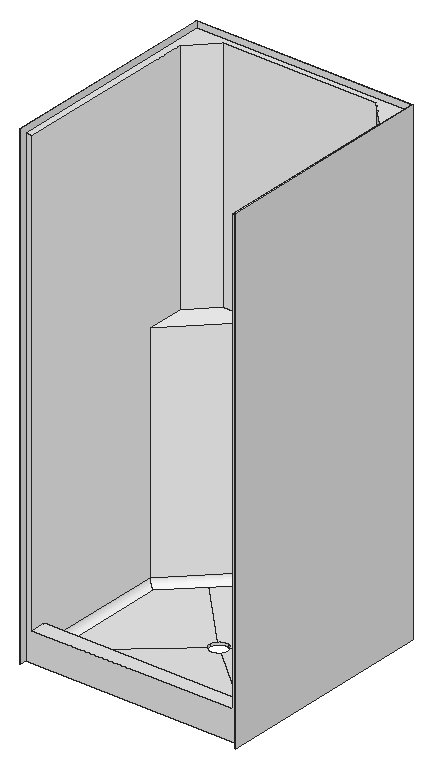
Revit family "LCS3636CP", category Plumbing Fixtures, Revit 2014
Parameters (values of type "LCS3636CP")
  Unit Width = 3' - 0"
  Unit Height = 6' - 8"
  URL = "http://www.best-bath.com/"
  Type Comments = "Independent Living"
  Threshold Height = 0' - 5"
  Model = "LCS3636CP"
  Material [instance] = Best Bath Gelcoat Fiberglass - Classic Tile
  Manufacturer = "Best Bath Systems, Inc."
  Keynote = "22 40 00.B3"
  Description = "Classic Tile, Curbed Product"
  Assembly Code = "D2010710"
Reference planes (in)
  plane 1 "Back": y = -11.33413
  plane 2: z = 0
  plane 3 "Left": x = 0
  plane 4: x = 36
  plane 5: z = 79
  plane 6: z = 0.625
  plane 7: z = 80
  plane 8: x = 18
  plane 9: z = 39.5
  plane 10: y = 24.66587
  plane 11: y = 6.66587
  plane 12: x = 1.25
  plane 13: x = 34.75
  plane 14: y = 23.41587
  plane 15: y = 20.41587
  plane 16: z = 5
  plane 17: y = -12.33413
Forms (in)
  Extrusion 1, solid, material "Best Bath Gelcoat Fiberglass - Smooth"
    sketch origin (0, 0, 0) x (1, 0, 0) y (0, 1, 0)
      loop
        line (0, -11.33413) -> (1.25, -11.33413) -> (1.25, 19.41587) -> (5.25, 23.41587) -> (30.75, 23.41587) -> (34.75, 19.41587) -> (34.75, -11.33413) -> (36, -11.33413) -> (36, 24.66587) -> (0, 24.66587) -> (0, -11.33413)
    from 0 to 79
  Extrusion 2, solid, material "Best Bath Gelcoat Fiberglass - Smooth"
    sketch origin (0, 0, 0) x (1, 0, 0) y (0, 1, 0)
      loop
        line (0, -11.33413) -> (36, -11.33413) -> (36, 24.66587) -> (0, 24.66587) -> (0, -11.33413)
      loop
        circle (18, 6.66587) r 1.5
    from 0 to 0.75
  Sweep 3, solid, material "Best Bath Gelcoat Fiberglass - Smooth"
    path origin (0, 0, 0) x (1, 0, 0) y (0, 1, 0)
      loop
        line (1.25, -11.33413) -> (34.75, -11.33413)
    profile origin (18, -11.33413, 0) x (0, 1, 0) y (0, 0, 1)
      loop
        line (0, 0) -> (3.98224, 0) -> (3.98224, 0.66959)
        arc (3.98224, 0.66959) -> (2.96594, 1.36196) -> (2.5, 2.5) r 2.13541
        line (2.5, 2.5) -> (2.5, 5) -> (0, 5) -> (0, 0)
  Extrusion 4, solid, material "Best Bath Gelcoat Fiberglass - Smooth"
    sketch origin (0, 0, 0) x (1, 0, 0) y (0, 1, 0)
      loop
        line (1.25, 23.41587) -> (1.25, 13.16587) -> (11.5, 23.41587) -> (1.25, 23.41587)
      loop
        line (34.75, 23.41587) -> (24.5, 23.41587) -> (34.75, 13.16587) -> (34.75, 23.41587)
    from 0 to 39.5
  Sweep 5, solid, material "Best Bath Gelcoat Fiberglass - Smooth"
    path origin (0, 0, 0) x (1, 0, 0) y (0, 1, 0)
      loop
        line (1.25, -11.33413) -> (1.25, 13.16587) -> (11.5, 23.41587) -> (24.5, 23.41587) -> (34.75, 13.16587) -> (34.75, -11.33413)
    profile origin (1.25, 0.91587, 0) x (-1, 0, 0) y (0, 0, 1)
      loop
        line (0, 0.625) -> (0, 2.125)
        arc (0, 2.125) -> (-0.43934, 1.06434) -> (-1.5, 0.625) r 1.5
        line (-1.5, 0.625) -> (0, 0.625)
  Blend 6, void
    base sketch origin (0, 0, 0) x (1, 0, 0) y (0, 1, 0)
      loop
        line (2.15052, -7.56583) -> (33.84948, -7.56583) -> (33.84948, 23.41587) -> (2.15052, 23.41587) -> (2.15052, -7.56583)
    top sketch origin (0, 0, 0) x (1, 0, 0) y (0, 1, 0)
      loop
        circle (18, 6.66587) r 0.11798
    from 0.75 to 0.32538
  Extrusion 7, solid, material "Best Bath Gelcoat Fiberglass - Smooth"
    sketch origin (0, 0, 0) x (1, 0, 0) y (0, 1, 0)
      loop
        line (0, -12.33413) -> (0.125, -12.33413) -> (0.125, 24.54087) -> (35.875, 24.54087) -> (35.875, -12.33413) -> (36, -12.33413) -> (36, 24.66587) -> (0, 24.66587) -> (0, -12.33413)
    from 0 to 80
Cuts and joins
  Blend 6 cuts Extrusion 1
  Blend 6 cuts Extrusion 2
  Blend 6 cuts Sweep 3
  Blend 6 cuts Extrusion 4
  Blend 6 cuts Sweep 5
  joined: Extrusion 1, Extrusion 2, Sweep 3, Extrusion 4, Sweep 5, Extrusion 7
Dimensions and locks (in)
  "Unit Width": plane 3 "Left" to plane 4
  locked: plane 6 to level at 0.625
  locked: plane 7 to plane 5 at 1
  "Unit Height": plane 7 to level
  equal spacing: plane 3 "Left", plane 8, plane 4
  locked: plane 13 to plane 4 at 1.25
  locked: plane 3 "Left" to plane 12 at 1.25
  locked: plane 10 to plane 11 at 18
  locked: plane 10 to plane 15 at 4.25
  locked: plane 10 to plane 14 at 1.25
  "Threshold Height": plane 16 to level
  locked: plane 9 to level at 39.5
  locked: Extrusion 4 sketch curve to Extrusion 4 sketch curve at 14.49569  (x2)
  locked: plane 17 to plane 1 "Back" at 1
  locked: plane 10 to plane 17 at 37
  aligned and locked: level to plane 2
  aligned and locked: Extrusion 2 sketch curve to Extrusion 1  (x3)
  aligned and locked: Sweep 5 sketch curve to plane 6
  aligned and locked: plane 11 to Blend 6 sketch curve
  aligned and locked: plane 8 to Blend 6 sketch curve
  aligned and locked: plane 9 to cut or joined group of Extrusion 1, Extrusion 2, Sweep 3, Extrusion 4, Sweep 5, Blend 6, Extrusion 7
  aligned and locked: Sweep 3 sketch curve to plane 16
  aligned and locked: plane 5 to cut or joined group of Extrusion 1, Extrusion 2, Sweep 3, Extrusion 4, Sweep 5, Blend 6, Extrusion 7
  aligned and locked: plane 7 to Extrusion 7
Automatic sketch dimensions
  plane 1 "Back" to Sweep 3 sketch curve = 0' - 0"
  Sweep 3 sketch curve to plane 12 = 0' - 0"
  Sweep 3 sketch curve to plane 13 = 0' - 0"
  Sweep 5 sketch curve to profile plane = 0' - 0"
  profile plane to Sweep 5 sketch curve = 0' - 1 1/2"
  Sweep 3 sketch curve to level = 0' - 0"
  Sweep 3 sketch curve to profile plane = 0' - 0"
  level to Sweep 3 sketch curve = 0' - 0.66959"
  Sweep 3 sketch curve to Sweep 3 sketch curve = 0' - 0.64323"
  Sweep 3 sketch curve to profile plane = 0' - 2 1/2"
  level to Sweep 3 sketch curve = 0' - 2 1/2"
  Sweep 3 sketch curve to Sweep 3 sketch curve = 0' - 1.48224"
  Blend 6 sketch curve to plane 14 = 0' - 0"
  plane 12 to Blend 6 sketch curve = 0' - 0.90052"
  Blend 6 sketch curve to plane 13 = 0' - 0.90052"
  Blend 6 sketch curve to plane 1 "Back" = 0' - 3.76829"
  plane 1 "Back" to Extrusion 1 sketch curve = 0' - 0"  (x2)
  Extrusion 1 sketch curve to plane 3 "Left" = 0' - 0"
  Extrusion 1 sketch curve to plane 12 = 0' - 0"
  Extrusion 1 sketch curve to plane 13 = 0' - 0"
  Extrusion 1 sketch curve to plane 4 = 0' - 0"
  Extrusion 1 sketch curve to plane 10 = 0' - 0"
  Extrusion 1 sketch curve to plane 15 = 0' - 1"  (x2)
  plane 12 to Extrusion 1 sketch curve = 0' - 4"
  Extrusion 1 sketch curve to plane 13 = 0' - 4"
  Extrusion 2 sketch curve to plane 10 = 0' - 0"
  Extrusion 2 sketch curve to plane 8 = 0' - 0"
  plane 11 to Extrusion 2 sketch curve = 0' - 0"
  Extrusion 1 sketch curve to plane 14 = 0' - 0"
  Extrusion 4 sketch curve to plane 12 = 0' - 0"
  Extrusion 4 sketch curve to plane 14 = 0' - 0"  (x2)
  Extrusion 4 sketch curve to plane 13 = 0' - 0"
  Extrusion 4 sketch curve to plane 8 = 0' - 6 1/2"
  Extrusion 4 sketch curve to plane 11 = 0' - 6 1/2"
  Sweep 5 sketch curve to plane 14 = 0' - 0"
  plane 8 to Sweep 5 sketch curve = 0' - 6 1/2"
  plane 1 "Back" to Sweep 5 sketch curve = 0' - 0"  (x2)
  Sweep 5 sketch curve to plane 13 = 0' - 0"
  Sweep 5 sketch curve to plane 8 = 0' - 6 1/2"
  Sweep 5 sketch curve to plane 11 = 0' - 6 1/2"  (x2)
  Sweep 5 sketch curve to plane 12 = 0' - 0"
  Extrusion 7 sketch curve to plane 3 "Left" = 0' - 0"
  Extrusion 7 sketch curve to plane 17 = 0' - 0"  (x2)
  Extrusion 7 sketch curve to plane 4 = 0' - 0"
  Extrusion 7 sketch curve to plane 10 = 0' - 0"
  plane 3 "Left" to Extrusion 7 sketch curve = 0' - 0 1/8"
  plane 4 to Extrusion 7 sketch curve = 0' - 0 1/8"
  Extrusion 7 sketch curve to plane 10 = 0' - 0 1/8"
  radius of Blend 6 sketch curve = 0' - 0.11798"
  radius of Extrusion 2 sketch curve = 0' - 1 1/2"
